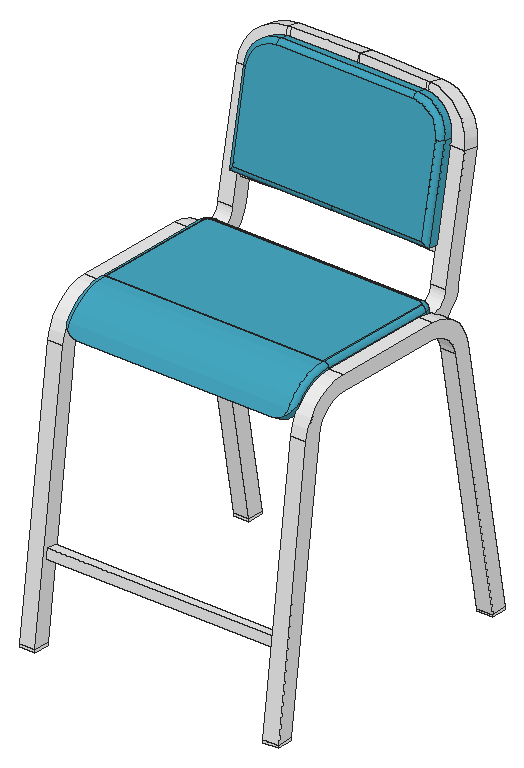
Revit family
Parameters (values of type "NIN0-24S")
  Width = 20 1/4"
  Weight (lbs) = 11.5
  Warranties = "7 Year Warranty"  # constant formula
  URL = "www.emeco.net"
  Trolly for tow Stacks = "N/A"  # constant formula
  Stackable = "Stacks 6 High"  # constant formula
  Spinneybeck Volo Leather = "N/A"  # constant formula
  Sound Attenuation Pad = ""
  Soft Back Visibility = yes
  Seat Material = "EMECO-Soft Polyurethane"  # constant formula
  Seat Height = 23 161/256"
  Seat & Back Finish Option [instance] = Emeco-Shared-Seat_Back-NIN0-24 : Blue
  Product Name = "Nine-0™ Counter Stool"  # constant formula
  Outdoor Warranty = "5 Year Warranty except Hand Polished Frame Finish"  # constant formula
  Open Back Visibility = no
  Model = "NIN0-24S"
  Manufacturer = "Emeco"  # constant formula
  Integrated Felt Glide = "N/A"  # constant formula
  Height = 36 161/256"
  Glides = EMECO-Lexan® Glides
  Frame Material = "EMECO-Recycled Aluminum"  # constant formula
  Frame Finish Option = "EMECO-Hand Brushed or Hand Polished"  # constant formula
  Fire Retardant Seat Pad = "N/A"  # constant formula
  Fire Retardant = "Certified Acc To Bs And Cal133"  # constant formula
  Depth = 22"
  Created by = "Contino"  # constant formula
  Collaborator = "Ettore Sottsass"  # constant formula
  Bar Back Visibility = no
  Back Material = "EMECO-Soft Polyurethane"
  BIFMA = "Yes"  # constant formula
  Assembly Code = "E2020200"
Types (4): name | Soft Back Visibility | Open Back Visibility | Model | Bar Back Visibility | Back Material
  (no name) | yes | no | "NIN0-24S" | no | "EMECO-Soft Polyurethane"
  NIN0-24S | yes | no | "NIN0-24S" | no | "EMECO-Soft Polyurethane"
  NIN0-243 | no | no | "NIN0-243" | yes | "EMECO-Recycled Aluminum"
  NIN0-24O | no | yes | "NIN0-24O" | no | "EMECO-Recycled Aluminum"
Reference planes (in)
  plane 1 "Center Front/Back": y = -0.10749
  plane 2: z = 0
  plane 3 "Center Left/Right": x = 0
  plane 4 "Top 2": z = 36.625
  plane 5 "Left 1": x = -10.125
  plane 6 "Front 1": y = -22.10749
  plane 7 "Right 1": x = 10.125
  plane 8 "Top 1": z = 23.625
Forms (in)
  Extrusion 1, solid, material "EMECO-Hand Brushed"
    sketch origin (0, 0, 0) x (0, 1, 0) y (0, 0, 1)
      loop
        line (-22.22728, 0.1875) -> (-21.03532, 0.1875) -> (-18.34275, 20.00425)
        arc (-18.34275, 20.00425) -> (-17.539, 21.48006) -> (-15.95743, 22.04806) r 2.36229
        line (-15.95743, 22.04806) -> (-7.37452, 21.81886)
        arc (-7.37452, 21.81886) -> (-5.83494, 21.25255) -> (-4.95417, 19.86863) r 2.56284
        line (-4.95417, 19.86863) -> (-1.4388, 0.1875) -> (-0.239, 0.1875) -> (-3.79147, 20.07631)
        arc (-3.79147, 20.07631) -> (-4.96893, 22.13953) -> (-7.18498, 22.99532) r 3.54331
        line (-7.18498, 22.99532) -> (-15.90088, 23.22808)
        arc (-15.90088, 23.22808) -> (-18.29445, 22.38805) -> (-19.5131, 20.16327) r 3.54331
        line (-19.5131, 20.16327) -> (-22.22728, 0.1875)
    from 8.85827 to 10.03937
  Extrusion 2, solid, material "EMECO-Hand Brushed"
    sketch origin (0, 0, 0) x (0, 1, 0) y (0, 0, -1)
      loop
        line (-22.22728, -0.1875) -> (-19.5131, -20.16327)
        arc (-19.5131, -20.16327) -> (-18.29946, -22.38379) -> (-15.91403, -23.22843) r 3.54331
        line (-15.91403, -23.22843) -> (-7.18498, -22.99532)
        arc (-7.18498, -22.99532) -> (-4.96893, -22.13953) -> (-3.79147, -20.07631) r 3.54331
        line (-3.79147, -20.07631) -> (-0.239, -0.1875) -> (-1.4388, -0.1875) -> (-4.95417, -19.86863)
        arc (-4.95417, -19.86863) -> (-5.83494, -21.25255) -> (-7.37452, -21.81886) r 2.56284
        line (-7.37452, -21.81886) -> (-15.95743, -22.04806)
        arc (-15.95743, -22.04806) -> (-17.5436, -21.48542) -> (-18.34275, -20.00425) r 2.34173
        line (-18.34275, -20.00425) -> (-21.03532, -0.1875) -> (-22.22728, -0.1875)
    from 8.85827 to 10.03937
  Extrusion 3, solid, material "EMECO-Hand Brushed"
    sketch origin (0, 4.36307, 25.2594) x (0, -0.990268, 0.139173) y (1, 0, 0)
      loop
        line (7.41949, -7.67717) -> (8.17833, -7.67717)
        arc (8.17833, -7.67717) -> (7.58526, 0) -> (8.17833, 7.67717) r 49.98559
        line (8.17833, 7.67717) -> (7.41949, 7.67717)
        arc (7.41949, 7.67717) -> (6.82633, 0) -> (7.41949, -7.67717) r 49.97852
    from -0.84317 to 0
  Extrusion 4, solid, material "EMECO-Hand Brushed", visible <- "Bar Back Visibility"
    sketch origin (0, 0.0282, 4.4844) x (0, 0.999848, 0.017452) y (0, -0.017452, 0.999848)
      loop
        line (-0.95486, 30.88662) -> (-2.76594, 21.48966) -> (-2.38209, 21.40095) -> (-0.57341, 30.78549) -> (-0.95486, 30.88662)
    from 2.16535 to 3.34646
  Extrusion 5, solid, material "EMECO-Hand Brushed", visible <- "Bar Back Visibility"
    sketch origin (-5.51181, 0.0282, 4.4844) x (0, 0.999848, 0.017452) y (0, -0.017452, 0.999848)
      loop
        line (-0.95486, 30.88662) -> (-2.76594, 21.48966) -> (-2.38209, 21.40095) -> (-0.57341, 30.78549) -> (-0.95486, 30.88662)
    from 2.16535 to 3.34646
  Extrusion 6, solid, material "EMECO-Hand Brushed", visible <- "Bar Back Visibility"
    sketch origin (-2.75591, 0.0282, 4.4844) x (0, 0.999848, 0.017452) y (0, -0.017452, 0.999848)
      loop
        line (-0.88802, 30.8689) -> (-2.69868, 21.47411) -> (-2.31483, 21.3854) -> (-0.50657, 30.76776) -> (-0.88802, 30.8689)
    from 2.16535 to 3.34646
  Extrusion 7, solid, material "EMECO-Hand Brushed"
    sketch origin (0, -0.10798, 5.11812) x (0, 1, 0) y (0, 0, 1)
      loop
        line (-17.15085, 16.57085) -> (-17.12689, 17.46821)
        arc (-17.12689, 17.46821) -> (-17.76607, 17.10409) -> (-18.30335, 16.60163) r 3.14961
        line (-18.30335, 16.60163) -> (-17.15085, 16.57085)
      loop
        line (-6.739, 17.47433) -> (-6.77053, 16.29365) -> (-5.58985, 16.26212) -> (-5.55832, 17.4428) -> (-6.739, 17.47433)
    from -7.67717 to 7.67717
  Extrusion 8, solid, material "EMECO-Hand Brushed"
    sketch origin (0, -0.09913, -5.89915) x (0, 1, 0) y (0, 0, 1)
      loop
        line (-20.23382, 12.65474) -> (-21.01487, 12.75455) -> (-21.11026, 12.00809) -> (-20.32921, 11.90828) -> (-20.23382, 12.65474)
    from -8.85827 to 8.85827
  Extrusion 9, void
    sketch origin (0, -0.0976, 5.11069) x (0, 1, 0) y (0, 0, 1)
      loop
        line (-18.61898, 16.56058) -> (-18.35013, 16.56058)
        arc (-18.35013, 16.56058) -> (-17.21317, 17.44575) -> (-15.80097, 17.73192) r 3.14961
        line (-15.80097, 17.73192) -> (-15.80097, 18.22149) -> (-18.61898, 18.22149) -> (-18.61898, 16.56058)
    from -9.8016 to 9.88092
  Sweep 10, solid, material "EMECO-Hand Brushed"
    path in 3D
      loop
        line (-8.85827, -18.41655, 21.69694) -> (-8.85827, -5.70306, 21.35743)
        arc (-8.85827, -5.70306, 21.35743) -> (-8.85827, -4.06187, 21.96109) -> (-8.85827, -3.28551, 23.52798) r 2.3622
        line (-8.85827, -3.28551, 23.52798) -> (-8.85827, -1.50582, 32.34726)
        arc (-8.85827, -1.50582, 32.34726) -> (-7.90141, -1.00746, 34.65064) -> (-5.56018, -0.73321, 35.60614) r 3.32601
        line (-5.56018, -0.73321, 35.60614) -> (-5.31221, -0.72456, 35.60636)
        spline (-5.31221, -0.72456, 35.60636) -> (-4.86967, -0.70972, 35.60691) -> (-4.42709, -0.69608, 35.60775) -> (-3.98448, -0.68366, 35.60887) -> (-3.54184, -0.67245, 35.61028) -> (-3.09917, -0.66245, 35.61198) -> (-2.65647, -0.65366, 35.61397) -> (-2.21376, -0.64609, 35.61624) -> (-1.77102, -0.63972, 35.6188) -> (-1.32828, -0.63456, 35.62165) -> (-0.88552, -0.63062, 35.62479) -> (-0.44276, -0.62789, 35.62821) -> (0, -0.62637, 35.63192)
        spline (0, -0.62637, 35.63192) -> (0.44277, -0.62789, 35.62821) -> (0.88554, -0.63062, 35.62479) -> (1.3283, -0.63456, 35.62165) -> (1.77105, -0.63972, 35.6188) -> (2.21378, -0.64609, 35.61624) -> (2.6565, -0.65366, 35.61397) -> (3.09919, -0.66245, 35.61198) -> (3.54186, -0.67245, 35.61028) -> (3.9845, -0.68366, 35.60887) -> (4.42711, -0.69608, 35.60775) -> (4.86968, -0.70972, 35.60691) -> (5.31221, -0.72456, 35.60636)
        line (5.31221, -0.72456, 35.60636) -> (5.56018, -0.73321, 35.60614)
        arc (5.56018, -0.73321, 35.60614) -> (7.90141, -1.00746, 34.65064) -> (8.85827, -1.50582, 32.34726) r 3.32601
        line (8.85827, -1.50582, 32.34726) -> (8.85827, -3.28551, 23.52798)
        arc (8.85827, -3.28551, 23.52798) -> (8.85827, -4.06187, 21.96109) -> (8.85827, -5.70306, 21.35743) r 2.3622
        line (8.85827, -5.70306, 21.35743) -> (8.85827, -18.41655, 21.69694)
    profile origin (8.85827, -12.0598, 21.52719) x (0, -0.026695, -0.999644) y (1, 0, 0)
      loop
        line (0, 0) -> (-1.1811, 0) -> (-1.1811, -1.1811) -> (0, -1.1811) -> (0, 0)
  Extrusion 11, solid, material "EMECO-Lexan® Glides" <- "Glides"
    sketch origin (0, -22.10749, 0) x (-1, 0, 0) y (0, 0, 1)
      loop
        line (10.03937, 0.1875) -> (8.85827, 0.1875) -> (8.85827, 0) -> (10.03937, 0) -> (10.03937, 0.1875)
      loop
        line (-10.03937, 0) -> (-8.85827, 0) -> (-8.85827, 0.1875) -> (-10.03937, 0.1875) -> (-10.03937, 0)
    from -0.11979 to 1.07216
  Extrusion 12, solid, material "EMECO-Lexan® Glides" <- "Glides"
    sketch origin (-0.03346, -1.29982, 0) x (-1, 0, 0) y (0, 0, 1)
      loop
        line (10.00591, 0.1875) -> (8.8248, 0.1875) -> (8.8248, 0) -> (10.00591, 0) -> (10.00591, 0.1875)
      loop
        line (-10.07283, 0) -> (-8.89173, 0) -> (-8.89173, 0.1875) -> (-10.07283, 0.1875) -> (-10.07283, 0)
    from -0.13897 to 1.06082
  Extrusion 13, solid, material "EMECO-Hand Brushed", not visible
    sketch origin (0, 4.55736, 25.32593) x (0, -0.97437, 0.224951) y (1, 0, 0)
      loop
        line (7.41949, -7.67717) -> (8.17833, -7.67717)
        arc (8.17833, -7.67717) -> (7.58526, 0) -> (8.17833, 7.67717) r 49.98559
        line (8.17833, 7.67717) -> (7.41949, 7.67717)
        arc (7.41949, 7.67717) -> (6.82633, 0) -> (7.41949, -7.67717) r 49.97852
    from -0.84317 to 0
  Extrusion 14, solid, material "EMECO-Hand Brushed", visible <- "Bar Back Visibility", not visible
    sketch origin (0, -0.10798, 5.11812) x (0, 1, 0) y (0, 0, 1)
      loop
        line (-0.95486, 30.88662) -> (-2.76594, 21.48966) -> (-2.38209, 21.40095) -> (-0.57341, 30.78549) -> (-0.95486, 30.88662)
    from 2.16535 to 3.34646
  Extrusion 15, solid, material "EMECO-Hand Brushed", visible <- "Bar Back Visibility", not visible
    sketch origin (-5.51181, -0.10798, 5.11812) x (0, 1, 0) y (0, 0, 1)
      loop
        line (-0.95486, 30.88662) -> (-2.76594, 21.48966) -> (-2.38209, 21.40095) -> (-0.57341, 30.78549) -> (-0.95486, 30.88662)
    from 2.16535 to 3.34646
  Extrusion 16, solid, material "EMECO-Hand Brushed", visible <- "Bar Back Visibility", not visible
    sketch origin (-2.75591, -0.10798, 5.11812) x (0, 1, 0) y (0, 0, 1)
      loop
        line (-0.88802, 30.8689) -> (-2.69868, 21.47411) -> (-2.31483, 21.3854) -> (-0.50657, 30.76776) -> (-0.88802, 30.8689)
    from 2.16535 to 3.34646
Cuts and joins
  Extrusion 9 cuts Sweep 10
Lines and regions (in)
  Masking region 1
    outline origin (0, 0, 0) x (1, 0, 0) y (0, 1, 0)
      loop
        line (-10.125, -0.20551) -> (-10.125, -22.10749) -> (-8.85827, -22.10749) -> (-8.85827, -21.09085) -> (8.85827, -21.09085) -> (8.85827, -22.10749) -> (10.125, -22.10749) -> (10.125, -0.20551) -> (8.85827, -0.20551) -> (8.85827, -0.96723)
        spline (8.85827, -0.96723) -> (8.82555, -0.85921) -> (8.7356, -0.75307) -> (8.59047, -0.65043) -> (8.39225, -0.55292) -> (8.14414, -0.46204) -> (7.85075, -0.37919) -> (7.5173, -0.30559) -> (7.1495, -0.24233) -> (6.75375, -0.19026) -> (6.33684, -0.15012) -> (5.90585, -0.12245) -> (5.46825, -0.10749)
        line (5.46825, -0.10749) -> (-5.46825, -0.10749)
        spline (-5.46825, -0.10749) -> (-5.90585, -0.12245) -> (-6.33684, -0.15012) -> (-6.75375, -0.19026) -> (-7.1495, -0.24233) -> (-7.5173, -0.30559) -> (-7.85075, -0.37919) -> (-8.14414, -0.46204) -> (-8.39225, -0.55292) -> (-8.59047, -0.65043) -> (-8.7356, -0.75307) -> (-8.82555, -0.85921) -> (-8.85827, -0.96723)
        line (-8.85827, -0.96723) -> (-8.85827, -0.20551) -> (-10.125, -0.20551)
      loop
        spline (8.85827, -18.74408) -> (8.85592, -18.83025) -> (8.84875, -18.91543) -> (8.83652, -18.9994) -> (8.81901, -19.08159) -> (8.79598, -19.16146) -> (8.76715, -19.23846) -> (8.73229, -19.31174) -> (8.69119, -19.38055) -> (8.64371, -19.44347) -> (8.58976, -19.49983) -> (8.52979, -19.54684) -> (8.46387, -19.58449)
        spline (8.46387, -19.58449) -> (8.40363, -19.60831) -> (8.34007, -19.63041) -> (8.27344, -19.65071) -> (8.20402, -19.66912) -> (8.13206, -19.68558) -> (8.05788, -19.70002) -> (7.98175, -19.71238) -> (7.90399, -19.72261) -> (7.82491, -19.73066) -> (7.74481, -19.73652) -> (7.66403, -19.74015) -> (7.58289, -19.74154)
        line (7.58289, -19.74154) -> (-7.57443, -19.74154)
        spline (-7.57443, -19.74154) -> (-7.65634, -19.74235) -> (-7.73792, -19.74053) -> (-7.81884, -19.73608) -> (-7.89875, -19.72902) -> (-7.97735, -19.71938) -> (-8.0543, -19.7072) -> (-8.1293, -19.69252) -> (-8.20203, -19.67541) -> (-8.27221, -19.65594) -> (-8.33955, -19.63418) -> (-8.40376, -19.61022) -> (-8.4646, -19.58417)
        spline (-8.4646, -19.58417) -> (-8.5304, -19.54582) -> (-8.59031, -19.49831) -> (-8.64416, -19.44219) -> (-8.69157, -19.37924) -> (-8.73259, -19.31059) -> (-8.76735, -19.23748) -> (-8.7961, -19.16069) -> (-8.81906, -19.08103) -> (-8.83654, -18.99909) -> (-8.84875, -18.91527) -> (-8.85592, -18.8302) -> (-8.85827, -18.74408)
        line (-8.85827, -18.74408) -> (-8.85827, -20.19679) -> (8.85827, -20.19679) -> (8.85827, -18.74408)
      loop
        line (-7.67717, -5.65341) -> (7.67717, -5.65341) -> (7.67717, -2.10604)
        spline (7.67717, -2.10604) -> (7.6591, -2.03926) -> (7.60438, -1.97284) -> (7.51394, -1.9079) -> (7.38932, -1.84556) -> (7.23266, -1.78689) -> (7.04664, -1.7329) -> (6.83446, -1.6845) -> (6.59975, -1.64253) -> (6.34652, -1.60771) -> (6.07913, -1.58063) -> (5.80214, -1.56176) -> (5.52031, -1.55142)
        line (5.52031, -1.55142) -> (-5.52031, -1.55142)
        spline (-5.52031, -1.55142) -> (-5.8016, -1.56173) -> (-6.07808, -1.58054) -> (-6.34502, -1.60753) -> (-6.59787, -1.64224) -> (-6.83231, -1.68406) -> (-7.04435, -1.73231) -> (-7.23035, -1.78613) -> (-7.38715, -1.84463) -> (-7.51207, -1.9068) -> (-7.60298, -1.97157) -> (-7.65833, -2.03785) -> (-7.67717, -2.10451)
        line (-7.67717, -2.10451) -> (-7.67717, -5.65341)
  Masking region 2
    outline origin (0, 0, 0) x (0, 1, 0) y (0, 0, 1)
      loop
        line (-19.47885, 20.23152) -> (-22.10749, 0) -> (-20.94173, 0) -> (-18.34087, 20.01782)
        arc (-18.34087, 20.01782) -> (-17.98075, 20.97648) -> (-17.24876, 21.69266) r 2.36229
        line (-17.24876, 21.69266) -> (-6.0268, 21.39298)
        arc (-6.0268, 21.39298) -> (-5.32989, 20.70716) -> (-4.94054, 19.81026) r 2.56284
        line (-4.94054, 19.81026) -> (-1.40211, 0) -> (-0.21783, 0) -> (-3.60935, 18.98771) -> (-3.85492, 20.36257)
        arc (-3.85492, 20.36257) -> (-4.11484, 21.04685) -> (-4.50981, 21.66313) r 3.54331
        arc (-4.50981, 21.66313) -> (-3.59661, 22.38976) -> (-3.18586, 23.48211) r 2.19153
        line (-3.18586, 23.48211) -> (-2.819, 25.34065) -> (-2.41401, 25.21808) -> (-2.16977, 26.0251) -> (-2.65275, 26.17128) -> (-0.6162, 36.34585) -> (-1.76825, 36.58017) -> (-4.35598, 23.65191)
        arc (-4.35598, 23.65191) -> (-4.75679, 22.85729) -> (-5.60026, 22.57336) r 1.17198
        arc (-5.60026, 22.57336) -> (-5.63262, 22.59056) -> (-5.66516, 22.60743) r 3.54331
        line (-5.66516, 22.60743) -> (-5.66516, 22.98143)
        arc (-5.66516, 22.98143) -> (-5.76102, 23.23358) -> (-6.0002, 23.35836) r 0.37955
        line (-6.0002, 23.35836) -> (-16.8069, 23.64695)
        arc (-16.8069, 23.64695) -> (-18.52236, 22.78968) -> (-19.67419, 21.25639) r 4.17844
        line (-19.67419, 21.25639) -> (-19.24992, 21.08604)
        arc (-19.24992, 21.08604) -> (-19.39041, 20.66575) -> (-19.47885, 20.23152) r 3.64519
  Masking region 3
    outline origin (0, -22.10749, 0) x (-1, 0, 0) y (0, 0, 1)
      loop
        line (8.85827, 23.25873) -> (8.85827, 33.39008)
        arc (8.85827, 33.39008) -> (7.87382, 35.71457) -> (5.51935, 36.625) r 3.23654
        line (5.51935, 36.625) -> (-5.51935, 36.625)
        arc (-5.51935, 36.625) -> (-7.87382, 35.71457) -> (-8.85827, 33.39008) r 3.23654
        line (-8.85827, 33.39008) -> (-8.85827, 23.25873) -> (-10.125, 23.25873) -> (-10.125, 0) -> (-8.85827, 0) -> (-8.85827, 5.93549) -> (8.85827, 5.93549) -> (8.85827, 0) -> (10.125, 0) -> (10.125, 23.25873) -> (8.85827, 23.25873)
      loop
        arc (8.85827, 21.80498) -> (8.60442, 21.18914) -> (8.05586, 20.81127) r 1.17137
        line (8.05586, 20.81127) -> (-8.05294, 20.81127)
        arc (-8.05294, 20.81127) -> (-8.60868, 21.18407) -> (-8.85827, 21.80498) r 1.13642
        line (-8.85827, 21.80498) -> (-8.85827, 6.88015) -> (8.85827, 6.88015) -> (8.85827, 21.80498)
      loop
        line (7.67717, 23.625) -> (7.67717, 33.51902)
        arc (7.67717, 33.51902) -> (6.98397, 34.9284) -> (5.52034, 35.49816) r 2.1648
        line (5.52034, 35.49816) -> (-5.52034, 35.49816)
        arc (-5.52034, 35.49816) -> (-6.98255, 34.92971) -> (-7.67683, 33.52288) r 2.1648
        line (-7.67683, 33.52288) -> (-7.67683, 23.625) -> (7.67717, 23.625)
  Masking region 4, visible <- "Bar Back Visibility"
    outline origin (0, 0, 0) x (1, 0, 0) y (0, 1, 0)
      loop
        spline (7.67717, -2.56399) -> (7.31805, -2.5109) -> (6.95855, -2.46035) -> (6.59868, -2.41235) -> (6.23846, -2.3669) -> (5.87791, -2.324) -> (5.51706, -2.28365) -> (5.15591, -2.24586) -> (4.79448, -2.21063) -> (4.43281, -2.17796) -> (4.0709, -2.14785) -> (3.70878, -2.1203) -> (3.34646, -2.09532)
        line (3.34646, -2.09532) -> (3.34646, -1.55142) -> (2.16535, -1.55142) -> (2.16535, -2.03176)
        spline (2.16535, -2.03176) -> (2.03418, -2.02639) -> (1.90299, -2.02135) -> (1.77179, -2.01665) -> (1.64058, -2.01228) -> (1.50936, -2.00825) -> (1.37812, -2.00455) -> (1.24688, -2.00119) -> (1.11563, -1.99817) -> (0.98437, -1.99548) -> (0.8531, -1.99313) -> (0.72183, -1.99111) -> (0.59055, -1.98943)
        line (0.59055, -1.98943) -> (0.59055, -1.55142) -> (-0.59055, -1.55142) -> (-0.59055, -1.98943)
        spline (-0.59055, -1.98943) -> (-0.72183, -1.99111) -> (-0.8531, -1.99313) -> (-0.98437, -1.99548) -> (-1.11563, -1.99817) -> (-1.24688, -2.00119) -> (-1.37812, -2.00455) -> (-1.50936, -2.00825) -> (-1.64058, -2.01228) -> (-1.77179, -2.01665) -> (-1.90299, -2.02135) -> (-2.03418, -2.02639) -> (-2.16535, -2.03176)
        line (-2.16535, -2.03176) -> (-2.16535, -1.55142) -> (-3.34646, -1.55142) -> (-3.34646, -2.09532)
        spline (-3.34646, -2.09532) -> (-3.70878, -2.1203) -> (-4.0709, -2.14785) -> (-4.43281, -2.17796) -> (-4.79448, -2.21063) -> (-5.15591, -2.24586) -> (-5.51706, -2.28365) -> (-5.87791, -2.324) -> (-6.23846, -2.3669) -> (-6.59868, -2.41235) -> (-6.95855, -2.46035) -> (-7.31805, -2.5109) -> (-7.67717, -2.56399)
        line (-7.67717, -2.56399) -> (-7.67717, -3.49306)
        spline (-7.67717, -3.49306) -> (-6.4054, -3.31673) -> (-5.1294, -3.1723) -> (-3.85002, -3.05986) -> (-2.56809, -2.9795) -> (-1.28447, -2.93126) -> (0, -2.91518) -> (1.28447, -2.93126) -> (2.56809, -2.9795) -> (3.85002, -3.05986) -> (5.1294, -3.1723) -> (6.4054, -3.31673) -> (7.67717, -3.49306)
        line (7.67717, -3.49306) -> (7.67717, -2.56399)
  Masking region 5, visible <- "Open Back Visibility"
    outline origin (0, 0, 0) x (1, 0, 0) y (0, 1, 0)
      loop
        spline (7.67717, -2.56399) -> (6.4054, -2.38764) -> (5.12941, -2.24319) -> (3.85002, -2.13074) -> (2.5681, -2.05037) -> (1.28447, -2.00212) -> (0, -1.98603) -> (-1.28447, -2.00212) -> (-2.5681, -2.05037) -> (-3.85002, -2.13074) -> (-5.12941, -2.24319) -> (-6.4054, -2.38764) -> (-7.67717, -2.56399)
        line (-7.67717, -2.56399) -> (-7.67717, -3.49305)
        arc (-7.67717, -3.49305) -> (0, -2.91516) -> (7.67717, -3.49305) r 51.28338
        line (7.67717, -3.49305) -> (7.67717, -2.56399)
  Masking region 6, visible <- "Bar Back Visibility"
    outline origin (0, -22.10749, 5.14648) x (-1, 0, 0) y (0, 0, 1)
      loop
        line (5.52034, 30.35168) -> (-5.52034, 30.35168)
        arc (-5.52034, 30.35168) -> (-7.11627, 29.64954) -> (-7.67694, 27.99859) r 2.1648
        arc (-7.67694, 27.99859) -> (-7.01672, 29.45835) -> (-5.52747, 30.04905) r 2.1371
        line (-5.52747, 30.04905) -> (-3.34646, 30.04905) -> (-3.34646, 22.04753) -> (-7.67717, 22.04753) -> (-7.67717, 21.05526) -> (7.67717, 21.05526) -> (7.67717, 22.04753) -> (3.34646, 22.04753) -> (3.34646, 30.04905) -> (5.52034, 30.04905)
        arc (5.52034, 30.04905) -> (6.98712, 29.43418) -> (7.67717, 28.00122) r 2.24231
        arc (7.67717, 28.00122) -> (7.11538, 29.65052) -> (5.52034, 30.35168) r 2.1648
      loop
        line (2.16535, 30.04905) -> (0.59055, 30.04905) -> (0.59055, 22.04753) -> (2.16535, 22.04753) -> (2.16535, 30.04905)
      loop
        line (-0.59055, 30.04905) -> (-2.16535, 30.04905) -> (-2.16535, 22.04753) -> (-0.59055, 22.04753) -> (-0.59055, 30.04905)
  Masking region 7, visible <- "Open Back Visibility"
    outline origin (0, -22.10749, 5.14648) x (-1, 0, 0) y (0, 0, 1)
      loop
        line (7.67717, 22.04753) -> (-7.67717, 22.04753) -> (-7.67717, 21.05525) -> (7.67717, 21.05525) -> (7.67717, 22.04753)
      loop
        line (5.52034, 30.35168) -> (-5.52034, 30.35168)
        arc (-5.52034, 30.35168) -> (-7.11627, 29.64954) -> (-7.67694, 27.99859) r 2.1648
        arc (-7.67694, 27.99859) -> (-7.01672, 29.45835) -> (-5.52747, 30.04905) r 2.1371
        line (-5.52747, 30.04905) -> (5.52034, 30.04905)
        arc (5.52034, 30.04905) -> (6.98712, 29.43418) -> (7.67717, 28.00122) r 2.24231
        arc (7.67717, 28.00122) -> (7.11538, 29.65052) -> (5.52034, 30.35168) r 2.1648
  Masking region 8, visible <- "Bar Back Visibility", not visible
    outline origin (0, 0, 0) x (0, 1, 0) y (0, 0, 1)
      loop
        line (-2.34274, 26.91894) -> (-1.6009, 30.76806) -> (-2.47604, 26.94971) -> (-2.34274, 26.91894)
  symbolic lines
    curve 1: line (-8.85827, -0.96723, 0) -> (-8.85827, -18.74408, 0)
    curve 2: line (8.85827, -18.74408, 0) -> (8.85827, -0.96723, 0)
    curve 3: line (-7.67717, -3.49306, 0) -> (-7.67717, -2.56399, 0)
    curve 4: line (7.67717, -3.49306, 0) -> (7.67717, -2.56399, 0)
    curve 5: line (-7.67717, -5.66516, 0) -> (-8.07161, -5.66516, 0)
    curve 6: arc (-8.07161, -5.66516, 0) -> (-8.62786, -5.89556, 0) -> (-8.85827, -6.45181, 0) r 0.78665
    curve 7: line (7.67717, -5.6553, 0) -> (8.07161, -5.6553, 0)
    curve 8: arc (8.07161, -5.6553, 0) -> (8.62786, -5.8857, 0) -> (8.85827, -6.44195, 0) r 0.78665
    curve 9: line (-8.85827, -2.10528, 0) -> (-5.52034, -1.2484, 0)
    curve 10: line (-5.52034, -1.2484, 0) -> (5.52034, -1.2484, 0)
    curve 11: line (5.52034, -1.2484, 0) -> (8.85827, -2.10528, 0)
    curve 12: line (-7.67717, -22.10749, 23.625) -> (-8.49463, -22.10749, 23.625)
    curve 13: arc (-8.49463, -22.10749, 23.625) -> (-8.74367, -22.10749, 23.52663) -> (-8.85827, -22.10749, 23.28463) r 0.36444
    curve 14: line (7.67717, -22.10749, 23.625) -> (8.49463, -22.10749, 23.625)
    curve 15: arc (8.49463, -22.10749, 23.625) -> (8.74367, -22.10749, 23.52663) -> (8.85827, -22.10749, 23.28463) r 0.36444
    curve 16: line (-8.85827, -22.10749, 23.25873) -> (-8.85827, -22.10749, 21.7981)
    curve 17: line (8.85827, -22.10749, 21.7981) -> (8.85827, -22.10749, 23.25873)
    curve 18: line (5.52034, -22.10749, 35.49816) -> (-5.52034, -22.10749, 35.49816)
    curve 39: line (8.85827, -20.19679, 0) -> (8.85827, -21.09085, 0)
    curve 40: line (-8.85827, -21.09085, 0) -> (-8.85827, -20.19679, 0)
    curve 41: line (-8.85827, -22.10749, 6.86452) -> (-8.85827, -22.10749, 5.91987)
    curve 42: line (8.85827, -22.10749, 6.86452) -> (8.85827, -22.10749, 5.91987)
    curve 43: arc (0, -7.37452, 21.81886) -> (0, -6.67072, 21.70066) -> (0, -6.0268, 21.39298) r 2.56284
    curve 61: line (0, -7.18498, 22.99532) -> (0, -15.90088, 23.22808)
    curve 62: line (0, -15.95743, 22.04806) -> (0, -7.37452, 21.81886)
    curve 63: arc (0, -4.50981, 21.66313) -> (0, -5.00896, 22.17345) -> (0, -5.60026, 22.57336) r 3.54331
    curve 64: arc (0, -15.90088, 23.22808) -> (0, -17.90719, 22.67377) -> (0, -19.25606, 21.08851) r 3.54331
    curve 65: arc (0, -17.24876, 21.69266) -> (0, -16.62881, 21.9638) -> (0, -15.95743, 22.04806) r 2.36229
    curve 66: arc (0, -5.66516, 22.60743) -> (0, -6.40334, 22.88653) -> (0, -7.18498, 22.99532) r 3.54331
    curve 68: line (-8.85827, -22.10749, 0.1875) -> (-10.125, -22.10749, 0.1875)
    curve 69: line (8.85827, -22.10749, 0.1875) -> (10.125, -22.10749, 0.1875)
    curve 70: line (0, -22.08313, 0.1875) -> (0, -20.91737, 0.1875)
    curve 71: line (0, -1.4388, 0.1875) -> (0, -0.25132, 0.1875)
    curve 72: line (0, -2.65275, 26.17128) -> (0, -2.82059, 25.32093)
  symbolic lines, visible <- "Bar Back Visibility"
    curve 19: spline (-7.67717, -3.30338, 0) -> (-6.4054, -3.12705, 0) -> (-5.1294, -2.98262, 0) -> (-3.85002, -2.87019, 0) -> (-2.56809, -2.78983, 0) -> (-1.28447, -2.74159, 0) -> (0, -2.72551, 0) -> (1.28447, -2.74159, 0) -> (2.56809, -2.78983, 0) -> (3.85002, -2.87019, 0) -> (5.1294, -2.98262, 0) -> (6.4054, -3.12705, 0) -> (7.67717, -3.30338, 0)
    curve 20: line (-3.34646, -2.68157, 0) -> (-2.16535, -2.68157, 0)
    curve 21: line (2.16535, -2.68157, 0) -> (3.34646, -2.68157, 0)
    curve 22: line (-0.59055, -2.6198, 0) -> (0.59055, -2.6198, 0)
    curve 23: line (-0.59055, -1.98943, 0) -> (-0.59055, -2.6198, 0)
    curve 24: line (0.59055, -2.6198, 0) -> (0.59055, -1.98943, 0)
    curve 25: line (2.16535, -2.03176, 0) -> (2.16535, -2.68157, 0)
    curve 26: line (3.34646, -2.68157, 0) -> (3.34646, -2.09532, 0)
    curve 27: line (-2.16535, -2.68157, 0) -> (-2.16535, -2.03176, 0)
    curve 28: line (-3.34646, -2.09532, 0) -> (-3.34646, -2.68157, 0)
    curve 30: line (-3.34646, -22.10749, 35.19553) -> (-3.34646, -22.10749, 35.38123)
    curve 31: line (-3.34646, -22.10749, 35.38123) -> (-2.16535, -22.10749, 35.38123)
    curve 32: line (3.34646, -22.10749, 35.19553) -> (3.34646, -22.10749, 35.38123)
    curve 33: line (2.16535, -22.10749, 35.19553) -> (2.16535, -22.10749, 35.38123)
    curve 34: line (0.59055, -22.10749, 35.19553) -> (0.59055, -22.10749, 35.38123)
    curve 35: line (-0.59055, -22.10749, 35.19553) -> (-0.59055, -22.10749, 35.38123)
    curve 36: line (-2.16535, -22.10749, 35.19553) -> (-2.16535, -22.10749, 35.38123)
    curve 37: line (-0.59055, -22.10749, 35.38123) -> (0.59055, -22.10749, 35.38123)
    curve 38: line (2.16535, -22.10749, 35.38123) -> (3.34646, -22.10749, 35.38123)
    curve 56: line (-3.34646, -22.10749, 27.19401) -> (-2.16535, -22.10749, 27.19401)
    curve 57: line (-0.59055, -22.10749, 27.19401) -> (0.59055, -22.10749, 27.19401)
    curve 58: line (2.16535, -22.10749, 27.19401) -> (3.34646, -22.10749, 27.19401)
    curve 59: line (7.67717, -22.10749, 26.37373) -> (-7.67752, -22.10749, 26.37373)
  symbolic lines, visible <- "Open Back Visibility"
    curve 29: spline (-7.67717, -3.30338, 0) -> (-6.4054, -3.12705, 0) -> (-5.1294, -2.98262, 0) -> (-3.85002, -2.87019, 0) -> (-2.56809, -2.78983, 0) -> (-1.28447, -2.74159, 0) -> (0, -2.72551, 0) -> (1.28447, -2.74159, 0) -> (2.56809, -2.78983, 0) -> (3.85002, -2.87019, 0) -> (5.1294, -2.98262, 0) -> (6.4054, -3.12705, 0) -> (7.67717, -3.30338, 0)
    curve 60: line (7.67717, -22.10749, 26.37373) -> (-7.67752, -22.10749, 26.37373)
  sketch lines
    curve 44: line (8.85827, -5.70306, 21.35743) -> (8.85827, -18.41655, 21.69694)
    curve 45: arc (8.85827, -3.28551, 23.52798) -> (8.85827, -4.06187, 21.96109) -> (8.85827, -5.70306, 21.35743) r 2.3622
    curve 46: line (8.85827, -1.50582, 32.34726) -> (8.85827, -3.28551, 23.52798)
    curve 47: arc (5.56018, -0.73321, 35.60614) -> (7.90141, -1.00746, 34.65064) -> (8.85827, -1.50582, 32.34726) r 3.32601
    curve 48: spline (0, -0.62637, 35.63192) -> (0.44277, -0.62789, 35.62821) -> (0.88554, -0.63062, 35.62479) -> (1.3283, -0.63456, 35.62165) -> (1.77105, -0.63972, 35.6188) -> (2.21378, -0.64609, 35.61624) -> (2.6565, -0.65366, 35.61397) -> (3.09919, -0.66245, 35.61198) -> (3.54186, -0.67245, 35.61028) -> (3.9845, -0.68366, 35.60887) -> (4.42711, -0.69608, 35.60775) -> (4.86968, -0.70972, 35.60691) -> (5.31221, -0.72456, 35.60636)
    curve 49: spline (-5.31221, -0.72456, 35.60636) -> (-4.86967, -0.70972, 35.60691) -> (-4.42709, -0.69608, 35.60775) -> (-3.98448, -0.68366, 35.60887) -> (-3.54184, -0.67245, 35.61028) -> (-3.09917, -0.66245, 35.61198) -> (-2.65647, -0.65366, 35.61397) -> (-2.21376, -0.64609, 35.61624) -> (-1.77102, -0.63972, 35.6188) -> (-1.32828, -0.63456, 35.62165) -> (-0.88552, -0.63062, 35.62479) -> (-0.44276, -0.62789, 35.62821) -> (0, -0.62637, 35.63192)
    curve 50: arc (-8.85827, -1.50582, 32.34726) -> (-7.90141, -1.00746, 34.65064) -> (-5.56018, -0.73321, 35.60614) r 3.32601
    curve 51: line (-8.85827, -3.28551, 23.52798) -> (-8.85827, -1.50582, 32.34726)
    curve 52: arc (-8.85827, -5.70306, 21.35743) -> (-8.85827, -4.06187, 21.96109) -> (-8.85827, -3.28551, 23.52798) r 2.3622
    curve 53: line (-8.85827, -18.41655, 21.69694) -> (-8.85827, -5.70306, 21.35743)
    curve 54: line (5.31221, -0.72456, 35.60636) -> (5.56018, -0.73321, 35.60614)
    curve 55: line (-5.56018, -0.73321, 35.60614) -> (-5.31221, -0.72456, 35.60636)
  symbolic lines, not visible
    curve 67: line (0, -2.48399, 26.95705) -> (0, -2.67233, 26.13518)
Dimensions and locks (in)
  plane 4 "Top 2" to level = 36 5/8"
  level to plane 4 "Top 2" = 36 5/8"
  plane 5 "Left 1" to plane 7 "Right 1" = 20 1/4"
  plane 8 "Top 1" to level = 23 5/8"  (x2)
  plane 7 "Right 1" to plane 5 "Left 1" = 20 1/4"
  plane 1 "Center Front/Back" to plane 6 "Front 1" = 22"
  plane 6 "Front 1" to plane 1 "Center Front/Back" = 22"
Nested families (in)
  nested 1: "Emeco-Shared-Seat_Back-NIN0-24" at (0, -5.66516, 22.56173), Soft Back Visibility <- "Soft Back Visibility", type <- "Seat & Back Finish Option", type "Blue"
    with Soft Back Visibility yes
Definition of nested family "Emeco-Shared-Seat_Back-NIN0-24"
  Parameters (values of type "Blue")
    URL = ""
    Seat Finish = EMECO-Blue
    Model = ""
    Manufacturer = ""
    Soft Back Visibility [instance] = yes
    Back Finish = EMECO-Blue
    Assembly Code = ""
  Types (5): name | Seat Finish | Back Finish
    Blue | EMECO-Blue | EMECO-Blue
    Green | EMECO-Green | EMECO-Green
    Gray | EMECO-Gray | EMECO-Gray
    Orange | EMECO-Orange | EMECO-Orange
    Red | EMECO-Red | EMECO-Red
  Reference planes (in)
    plane 1 "Center Front/Back": y = 0
    plane 2: z = 0
    plane 3 "Center Left/Right": x = 0
    plane 4 "Top 1": z = 13.00943
  Forms (in)
    Extrusion 1, solid, material "EMECO-Blue" <- "Seat Finish"
      sketch origin (0, 5.05886, -17.85781) x (1, 0, 0) y (0, 0.999644, -0.026695)
        loop
          arc (-8.07087, -5.93086) -> (-8.34925, -6.04618) -> (-8.46457, -6.32456) r 0.3937
          line (-8.46457, -6.32456) -> (-8.46457, -15.79301) -> (8.46457, -15.79301) -> (8.46457, -6.32456)
          arc (8.46457, -6.32456) -> (8.34925, -6.04618) -> (8.07087, -5.93086) r 0.3937
          line (8.07087, -5.93086) -> (-8.07087, -5.93086)
      from 17.7164 to 18.5038
    Sweep 2, solid, material "EMECO-Blue" <- "Seat Finish"
      path origin (0, 6.04437, 0.62627) x (0, -0.999644, 0.026695) y (1, 0, 0)
        loop
          line (16.28474, 8.46457) -> (6.8129, 8.46457)
          arc (6.8129, 8.46457) -> (6.53451, 8.34925) -> (6.4192, 8.07087) r 0.3937
          line (6.4192, 8.07087) -> (6.4192, -8.07087)
          arc (6.4192, -8.07087) -> (6.53451, -8.34925) -> (6.8129, -8.46457) r 0.3937
          line (6.8129, -8.46457) -> (16.28474, -8.46457)
      profile origin (-8.46457, -5.50033, 0.93457) x (1, 0, 0) y (0, 0.026695, 0.999644)
        loop
          arc (0, 0.00009) -> (-0.27839, -0.11522) -> (-0.3937, -0.39361) r 0.3937
          line (-0.3937, -0.39361) -> (-0.3937, -0.7874) -> (0, -0.7874) -> (0, 0.00009)
    Sweep 3, solid, material "EMECO-Blue" <- "Seat Finish"
      path origin (0, 5.55709, -17.07828) x (0, 1, 0) y (0, 0, 1)
        loop
          arc (-15.78962, 18.5038) -> (-18.28795, 17.76939) -> (-19.96742, 15.77932) r 4.52347
      profile origin (0, -12.73085, 0.69111) x (0, 0.546244, -0.837626) y (1, 0, 0)
        loop
          spline (0.7206, 8.85827) -> (0.67423, 8.8549) -> (0.62865, 8.84485) -> (0.58464, 8.8283) -> (0.54297, 8.80552) -> (0.50433, 8.77691) -> (0.46939, 8.74296) -> (0.43875, 8.70424) -> (0.41293, 8.66142) -> (0.39238, 8.61523) -> (0.37744, 8.56646) -> (0.36838, 8.51596) -> (0.36534, 8.46457)
          line (0.36534, 8.46457) -> (0.36396, -8.4646)
          spline (0.36396, -8.4646) -> (0.36838, -8.51596) -> (0.37744, -8.56646) -> (0.39238, -8.61523) -> (0.41293, -8.66142) -> (0.43875, -8.70424) -> (0.46939, -8.74296) -> (0.50433, -8.77691) -> (0.54297, -8.80552) -> (0.58464, -8.8283) -> (0.62865, -8.84485) -> (0.67423, -8.8549) -> (0.7206, -8.85827)
          line (0.7206, -8.85827) -> (1.13532, -8.85827) -> (1.13532, 8.85827) -> (0.7206, 8.85827)
    Extrusion 4, void
      sketch origin (0, -15.92823, -4.5323) x (0, -0.515038, -0.857167) y (1, 0, 0)
        loop
          line (-4.88495, -8.85827) -> (-4.88495, -8.95576) -> (-3.42745, -8.95576) -> (-3.42745, -7.57454) -> (-3.60122, -7.57454)
          arc (-3.60122, -7.57454) -> (-3.97722, -8.48227) -> (-4.88495, -8.85827) r 1.28373
        loop
          arc (-4.88495, 8.85827) -> (-3.97722, 8.48227) -> (-3.60122, 7.57454) r 1.28373
          line (-3.60122, 7.57454) -> (-3.42745, 7.57454) -> (-3.42745, 8.95576) -> (-4.88495, 8.95576) -> (-4.88495, 8.85827)
      from -2.77443 to 1.75308
    Extrusion 5, solid, material "EMECO-Blue" <- "Back Finish", visible <- "Soft Back Visibility"
      sketch origin (0, -3.34567, -15.96277) x (0, -0.199237, -0.979951) y (1, 0, 0)
        loop
          line (-27.13906, -7.36207) -> (-20.55804, -7.36207) -> (-20.55804, 7.34493) -> (-27.15652, 7.34493)
          arc (-27.15652, 7.34493) -> (-28.59179, 6.75042) -> (-29.1863, 5.31514) r 2.02978
          line (-29.1863, 5.31514) -> (-29.1863, -5.31483)
          arc (-29.1863, -5.31483) -> (-28.58668, -6.76245) -> (-27.13906, -7.36207) r 2.04724
      from -1.21698 to 0
    Sweep 6, solid, material "EMECO-Blue" <- "Back Finish", visible <- "Soft Back Visibility"
      path origin (0, -3.34567, -15.96277) x (0, -0.199237, -0.979951) y (1, 0, 0)
        loop
          line (-29.1863, 5.31514) -> (-29.1863, -5.31483)
          arc (-29.1863, -5.31483) -> (-28.58668, -6.76245) -> (-27.13906, -7.36207) r 2.04724
          line (-27.13906, -7.36207) -> (-20.55804, -7.36207) -> (-20.55804, 0.34493) -> (-20.55804, 7.34493) -> (-27.15652, 7.34493)
          arc (-27.15652, 7.34493) -> (-28.59179, 6.75042) -> (-29.1863, 5.31514) r 2.02978
      profile origin (0.00016, 2.46931, 12.63839) x (0, -0.199237, -0.979951) y (0, -0.979951, 0.199237)
        loop
          arc (0, 0) -> (-0.26913, -0.12559) -> (-0.37875, -0.40161) r 0.4023
          line (-0.37875, -0.40161) -> (-0.37875, -1.21698) -> (0, -1.21698) -> (0, 0)
    Extrusion 7, solid, material "EMECO-Blue" <- "Back Finish", visible <- "Soft Back Visibility", not visible
      sketch origin (0, -2.79989, -15.65653) x (0, -0.207912, -0.978148) y (1, 0, 0)
        loop
          line (-27.13906, -7.36207) -> (-20.55804, -7.36207) -> (-20.55804, 7.34493) -> (-27.15652, 7.34493)
          arc (-27.15652, 7.34493) -> (-28.59179, 6.75042) -> (-29.1863, 5.31514) r 2.02978
          line (-29.1863, 5.31514) -> (-29.1863, -5.31483)
          arc (-29.1863, -5.31483) -> (-28.58668, -6.76245) -> (-27.13906, -7.36207) r 2.04724
      from -1.21698 to 0
    Sweep 8, solid, material "EMECO-Blue" <- "Back Finish", visible <- "Soft Back Visibility", not visible
      path origin (0, -2.79989, -15.65653) x (0, -0.207912, -0.978148) y (1, 0, 0)
        loop
          line (-29.1863, 5.31514) -> (-29.1863, -5.31483)
          arc (-29.1863, -5.31483) -> (-28.58668, -6.76245) -> (-27.13906, -7.36207) r 2.04724
          line (-27.13906, -7.36207) -> (-20.55804, -7.36207) -> (-20.55804, 0.34493) -> (-20.55804, 7.34493) -> (-27.15652, 7.34493)
          arc (-27.15652, 7.34493) -> (-28.59179, 6.75042) -> (-29.1863, 5.31514) r 2.02978
      profile origin (0.00016, 3.26828, 12.89198) x (0, -0.207912, -0.978148) y (0, -0.978148, 0.207912)
        loop
          arc (0, 0) -> (-0.26913, -0.12559) -> (-0.37875, -0.40161) r 0.4023
          line (-0.37875, -0.40161) -> (-0.37875, -1.21698) -> (0, -1.21698) -> (0, 0)
  Cuts and joins
    Extrusion 4 cuts Sweep 3
    joined: Extrusion 5, Sweep 6
  Lines and regions (in)
    Masking region 1, visible <- "Soft Back Visibility"
      outline origin (0, 0, 13.00943) x (1, 0, 0) y (0, 1, 0)
        loop
          line (-7.74082, 4.03302) -> (-7.74082, 1.78845)
          spline (-7.74082, 1.78845) -> (-7.73763, 1.73967) -> (-7.72811, 1.69296) -> (-7.71241, 1.64912) -> (-7.69078, 1.60879) -> (-7.66357, 1.57266) -> (-7.6312, 1.54126) -> (-7.59419, 1.51512) -> (-7.55312, 1.49463) -> (-7.50865, 1.48014) -> (-7.46148, 1.47185) -> (-7.41236, 1.46986) -> (-7.36207, 1.47436)
          line (-7.36207, 1.47436) -> (7.34493, 1.47436)
          spline (7.34493, 1.47436) -> (7.39553, 1.46992) -> (7.44434, 1.47185) -> (7.49149, 1.48013) -> (7.53598, 1.49463) -> (7.57702, 1.51511) -> (7.61405, 1.54126) -> (7.64639, 1.57265) -> (7.67364, 1.60879) -> (7.69523, 1.64911) -> (7.71097, 1.69296) -> (7.72043, 1.73966) -> (7.72368, 1.78845)
          line (7.72368, 1.78845) -> (7.72368, 4.03665)
          spline (7.72368, 4.03665) -> (7.70307, 4.10201) -> (7.64161, 4.16625) -> (7.54034, 4.22828) -> (7.401, 4.28703) -> (7.22596, 4.34149) -> (7.01823, 4.39074) -> (6.78137, 4.43393) -> (6.51941, 4.47032) -> (6.23685, 4.49929) -> (5.93852, 4.52035) -> (5.62952, 4.53313) -> (5.31514, 4.53741)
          line (5.31514, 4.53741) -> (-5.31483, 4.53741)
          spline (-5.31483, 4.53741) -> (-5.63148, 4.53309) -> (-5.94272, 4.52022) -> (-6.24321, 4.49901) -> (-6.52782, 4.46983) -> (-6.79168, 4.43318) -> (-7.03026, 4.38968) -> (-7.2395, 4.34007) -> (-7.4158, 4.28521) -> (-7.55615, 4.22604) -> (-7.65816, 4.16356) -> (-7.72007, 4.09885) -> (-7.74082, 4.03302)
    Masking region 2, visible <- "Soft Back Visibility"
      outline origin (0, -0.68461, -0.28204) x (0, 0.999961, 0.00886) y (0, -0.00886, 0.999961)
        loop
          line (2.586, 3.82878) -> (4.53741, 13.00943) -> (3.8038, 13.16536)
          arc (3.8038, 13.16536) -> (3.47091, 13.15626) -> (3.26828, 12.89198) r 0.38708
          line (3.26828, 12.89198) -> (1.47436, 4.45227)
          arc (1.47436, 4.45227) -> (1.53347, 4.15753) -> (1.78845, 3.9983) r 0.3794
          line (1.78845, 3.9983) -> (2.586, 3.82878)
    Masking region 3, visible <- "Soft Back Visibility"
      outline origin (0, 0, 0) x (1, 0, 0) y (0, 0, 1)
        loop
          line (-7.74082, 10.76469) -> (-7.74082, 3.82878) -> (7.72368, 3.82878) -> (7.72368, 10.81715)
          arc (7.72368, 10.81715) -> (7.02928, 12.49359) -> (5.35284, 13.18799) r 2.37084
          line (5.35284, 13.18799) -> (-5.31752, 13.18799)
          arc (-5.31752, 13.18799) -> (-7.03105, 12.47822) -> (-7.74082, 10.76469) r 2.4233
    Masking region 4, visible <- "Soft Back Visibility", not visible
      outline origin (0, 0, 0) x (0, 1, 0) y (0, 0, 1)
        loop
          line (2.586, 3.82878) -> (4.53741, 13.00943) -> (3.8038, 13.16536)
          arc (3.8038, 13.16536) -> (3.47091, 13.15626) -> (3.26828, 12.89198) r 0.38708
          line (3.26828, 12.89198) -> (1.47436, 4.45227)
          arc (1.47436, 4.45227) -> (1.53347, 4.15753) -> (1.78845, 3.9983) r 0.3794
          line (1.78845, 3.9983) -> (2.586, 3.82878)
    symbolic lines, visible <- "Soft Back Visibility"
      curve 1: line (-0.5, 1.47436, 13.00943) -> (0.5, 1.47436, 13.00943)
